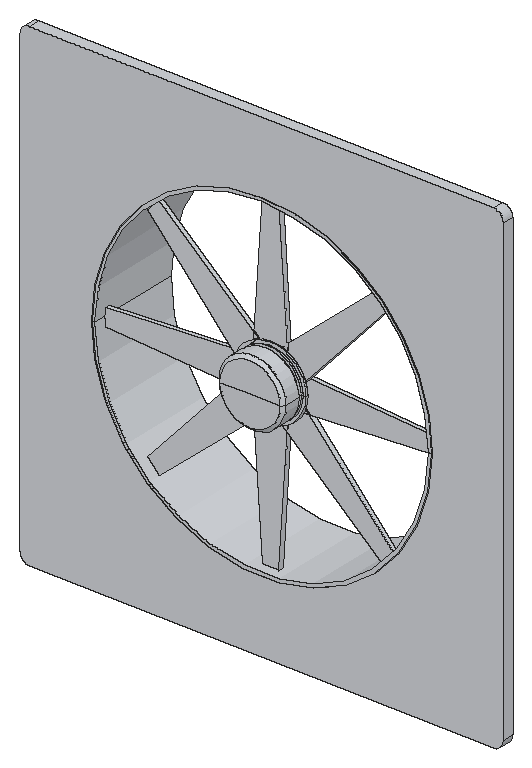
Revit family "CADS_Vent-Axia_MechEquip_Fan_VSP_SabreSicklePlate_3Ph6P - EXTRACT", category Mechanical Equipment, Revit 2020
Family settings
  Round Connector Dimension = Use Diameter
  Part Type = Normal
  OmniClass Number = 23.75.00.00
  OmniClass Title = Climate Control (HVAC)
  Work Plane-Based = No
  Always vertical = Yes
  Cut with Voids When Loaded = No
  Shared = No
  Room Calculation Point = No
Parameters (values of type "VSP50036A")
  WorkingPressure = 0.0 Pa
  WarrantyStartDate [instance] = "1900-12-31T23:59:59"
  WarrantyPeriod = ""
  WarrantyIdentifier = "N/A"
  WarrantyGuarantorParts = "tech@vent-axia.com"
  WarrantyGuarantorLabor = "tech@vent-axia.com"
  WarrantyGuarantor = "Vent-Axia Limited"
  WarrantyEndDate [instance] = "1900-12-31T23:59:59"
  WarrantyContent = ""
  TemperatureRange = ""
  TagNumber [instance] = "N/A"
  SustainabilityPerformance = ""
  Status = "New"
  Size = ""
  Shape = ""
  ServiceLifeType = ""
  ServiceLifeDuration = ""
  SerialNumber [instance] = "N/A"
  ReplacementCost = ""
  RatedVoltage = 0 V
  RatedCurrent = 0 A
  Quantity = 1
  ProductionYear = ""
  PressureCurve = ""
  PowerFactor = ""
  PointOfContact = ""
  NumberOfPoles = 0
  NominalWidth = 725 mm
  NominalLength = 141.5 mm
  NominalHeight = 500 mm
  NominalFrequencyRange = ""
  NominalDiameter = 500 mm
  ModelReference = "OWLET SICKLE PLATE FAN 500 DIA 3PH 6 POLE"
  ModelNumber = "VSP50036A"
  Material = ""
  ManufacturerE-Mail = "tech@vent-axia.com"
  ManufacturerAddress = "Fleming Way\nCrawley \nRH10 9YX"
  IsExtendedWarranty = no
  InsulationStandardClass = ""
  InstallationDate [instance] = "1900-12-31T23:59:59"
  IfcExportType [instance] = ""
  IfcExportAs = "IfcFanType"
  IP_Code = ""
  HasProtectiveEarth = no
  GrossWeight = 0.00 kg
  Grade = ""
  GlobalTradeItemNumber [instance] = "N/A"
  G = 17 mm
  Fitting Type = "Ignore"
  Finish = ""
  Features = ""
  ExteriorInsulation = no
  ExpectedServiceLife = 0
  Exclusions = ""
  E = 34 mm
  DurationUnit = "Year"
  Default Elevation = 0 mm
  Constituents = ""
  ConductorFunction = ""
  Color = ""
  CodePerformance = ""
  Category = ""
  CADS_Usage = 0
  CADS_Index = 0
  AssetType = "FIXED"
  AssetIdentifier [instance] = "N/A"
  AssemblyPlace = "UNKNOWN"
  ArticleNumber [instance] = "N/A"
  AirflowRateRange = 0.0 L/s
  Air Flow [instance] = 0.0 L/s
  AccessibilityPerformance = ""
  A = NominalWidth  # 725 mm
Types (4, lengths in mm): name | NominalWidth | NominalLength | NominalHeight | NominalDiameter | ModelReference | ModelNumber | A
  VSP50036A | 725 | 141.5 | 500 | 500 | "OWLET SICKLE PLATE FAN 500 DIA 3PH 6 POLE" | "VSP50036A" | 725
  VSP56036 | 725 | 162.5 | 560 | 560 | "SICKLE PLATE FAN 560DIA 3PH 6 POLE" | "VSP56036" | 725
  VSP63036B | 805 | 159.5 | 630 | 630 | "630MM 3PH 6P PLATE FAN" | "VSP63036B" | 805
  VSP71036A | 850 | 201.5 | 710 | 710 | "OWLET SICKLE PLATE FAN 710 DIA 3 PH 6 POLE" | "VSP71036A" | 850
Reference planes
  plane 1 "Center (Front/Back)": y = 0
  plane 2: z = 0
  plane 3 "Center (Left/Right)": x = 0
  plane 4: x = -250
  plane 5: x = 250
  plane 6 "F": y = -17
  plane 7 "B": y = 124.5
  plane 8: x = -362.5
  plane 9: x = -255
  plane 10 "top": z = 250
  plane 11: z = -250
  plane 12: x = 362.5
  plane 13: z = 362.5
  plane 14: z = -362.5
Forms (mm)
  Revolve 1, solid
    sketch origin (0, 0, 0) x (1, 0, 0) y (0, 1, 0)
      loop
        line (-255, -17) -> (-250, -17) -> (-250, 124.5) -> (-255, 124.5) -> (-255, -17)
      axis (0, 124.5) -> (0, -17)
    angle from 0 to 360
  Extrusion 2, solid
    sketch origin (0, 0, 0) x (1, 0, 0) y (0, 0, 1)
      loop
        arc (-347.5, 362.5) -> (-358.107, 358.107) -> (-362.5, 347.5) r 15
        line (-362.5, 347.5) -> (-362.5, -347.5)
        arc (-362.5, -347.5) -> (-358.107, -358.107) -> (-347.5, -362.5) r 15
        line (-347.5, -362.5) -> (347.5, -362.5)
        arc (347.5, -362.5) -> (358.107, -358.107) -> (362.5, -347.5) r 15
        line (362.5, -347.5) -> (362.5, 347.5)
        arc (362.5, 347.5) -> (358.107, 358.107) -> (347.5, 362.5) r 15
        line (347.5, 362.5) -> (-347.5, 362.5)
      loop
        circle (0, 0) r 255
    from 0 to 17 <- "G"
Dimensions and locks
  equal spacing: plane 4, plane 3 "Center (Left/Right)", plane 5
  "NominalLength": plane 7 "B" to plane 6 "F"
  "NominalDiameter": plane 4 to plane 5
  locked: plane 9 to plane 4 at 5
  equal spacing: plane 10 "top", level, plane 11
  "NominalDiameter": plane 10 "top" to plane 11
  equal spacing: plane 12, plane 3 "Center (Left/Right)", plane 8
  "A": plane 12 to plane 8
  equal spacing: plane 13, level, plane 14
  "A": plane 13 to plane 14
  "G": plane 6 "F" to plane 1 "Center (Front/Back)"
  aligned and locked: level to plane 2
  aligned and locked: Extrusion 2 sketch curve to Revolve 1  (x2)
Automatic sketch dimensions
  plane 6 "F" to Revolve 1 sketch curve = 0 mm
  Revolve 1 sketch curve to plane 4 = 0 mm
  Revolve 1 sketch curve to plane 3 "Center (Left/Right)" = 0 mm
  plane 1 "Center (Front/Back)" to Revolve 1 sketch curve = 0 mm
  Revolve 1 sketch curve to plane 7 "B" = 0 mm
  plane 6 "F" to Revolve 1 sketch curve = 115 mm
  Revolve 1 sketch curve to plane 9 = 0 mm
  Extrusion 2 sketch curve to plane 8 = 0 mm
  Extrusion 2 sketch curve to plane 13 = 0 mm
  Extrusion 2 sketch curve to plane 14 = 0 mm
  plane 12 to Extrusion 2 sketch curve = 0 mm
  plane 8 to Extrusion 2 sketch curve = 15 mm  (x2)
  plane 12 to Extrusion 2 sketch curve = 15 mm  (x2)
Nested families
  nested 1: "Fan for ESP" at (0, 0, 0), ND <- "NominalDiameter", BE <- "E", type "Fan for ESP"
    with hub 50 mm, ND 500 mm, BoltPCD 40 mm, Bolt Count 8, B_Diam 10 mm, BE 34 mm
  nested 2: "ESC Blade" at (0, 0, 0), type "ESC Blade"
    with a 20.00°, HR 50 mm, HD 100 mm, BT 25 mm, BR 200 mm, BH 40 mm, BD 500 mm, BB 50 mm
  nested 3: "ESC Blade" at (0, 0, 0) x (0.7071, 0, -0.7071) z (0.7071, 0, 0.7071), type "ESC Blade"
    with a 20.00°, HR 50 mm, HD 100 mm, BT 25 mm, BR 200 mm, BH 40 mm, BD 500 mm, BB 50 mm
  nested 4: "ESC Blade" at (0, 0, 0) x (0, 0, -1) z (1, 0, 0), type "ESC Blade"
    with a 20.00°, HR 50 mm, HD 100 mm, BT 25 mm, BR 200 mm, BH 40 mm, BD 500 mm, BB 50 mm
  nested 5: "ESC Blade" at (0, 0, 0) x (-0.7071, 0, -0.7071) z (0.7071, 0, -0.7071), type "ESC Blade"
    with a 20.00°, HR 50 mm, HD 100 mm, BT 25 mm, BR 200 mm, BH 40 mm, BD 500 mm, BB 50 mm
  nested 6: "ESC Blade" at (0, 0, 0) x (-1, 0, 0) z (0, 0, -1), type "ESC Blade"
    with a 20.00°, HR 50 mm, HD 100 mm, BT 25 mm, BR 200 mm, BH 40 mm, BD 500 mm, BB 50 mm
  nested 7: "ESC Blade" at (0, 0, 0) x (-0.7071, 0, -0.7071) z (-0.7071, 0, 0.7071), type "ESC Blade"
    with a 20.00°, HR 50 mm, HD 100 mm, BT 25 mm, BR 200 mm, BH 40 mm, BD 500 mm, BB 50 mm
  nested 8: "ESC Blade" at (0, 0, 0) x (0, 0, -1) z (-1, 0, 0), type "ESC Blade"
    with a 20.00°, HR 50 mm, HD 100 mm, BT 25 mm, BR 200 mm, BH 40 mm, BD 500 mm, BB 50 mm
  nested 9: "ESC Blade" at (0, 0, 0) x (0.7071, 0, -0.7071) z (-0.7071, 0, -0.7071), type "ESC Blade"
    with a 20.00°, HR 50 mm, HD 100 mm, BT 25 mm, BR 200 mm, BH 40 mm, BD 500 mm, BB 50 mm
Connectors
  hvac at (0, -17, 0), driven by "NominalDiameter", driven by "Air Flow"
    settings: on Revolve 1, index 1, duct flow 0.0 L/s, flow factor 0, pres drop 0.0 Pa, loss coef 0, conn angle 0.00°, conn width 304.8 mm, conn height 304.8 mm, conn diameter 500 mm, duct sys type 2, conn prof type 0, flow config 0, flow direction 1, loss method 0, conn ref index -1, conn util no, is conn primary yes, conn desc ""
  hvac at (0, 124.5, 0), driven by "NominalDiameter", driven by "Air Flow"
    settings: on Revolve 1, index 2, duct flow 0.0 L/s, flow factor 0, pres drop 0.0 Pa, loss coef 0, conn angle 0.00°, conn width 304.8 mm, conn height 304.8 mm, conn diameter 500 mm, duct sys type 3, conn prof type 0, flow config 1, flow direction 2, loss method 0, conn ref index -1, conn util no, is conn primary no, conn desc ""
Definition of nested family "Fan for ESP"
  Parameters (values of type "Fan for ESP")
    hub [instance] = ND / 10  # 25.1 mm
    ND [instance] = 251 mm
    Model = "."
    Default Elevation = 0 mm
    BoltPCD [instance] = hub - (hub * 0.2)  # 20.08 mm
    Bolt Count [instance] = if(hub < 50 mm, 6, 8)  # 6
    B_Diam [instance] = if(hub < 50 mm, 5 mm, 10 mm)  # 5 mm
    BE [instance] = 84 mm
  Reference planes
    plane 1 "Center (Front/Back)": y = 0
    plane 2: z = 0
    plane 3 "Center (Left/Right)": x = 0
    plane 4 "back": y = 20
    plane 5 "boss": y = -89
    plane 6 "B": z = 25.1
    plane 7: x = -30.1
    plane 8: x = -25.1
    plane 9 "hubface": y = -5
    plane 10: x = -20.1
    plane 11: y = -84
  Forms (mm)
    Revolve 1, solid
      sketch origin (0, 0, 0) x (1, 0, 0) y (0, 1, 0)
        loop
          line (0, -5) -> (0, 10.504) -> (-30.1, 10.504) -> (-30.1, -2.597) -> (-25.1, -2.597) -> (-25.1, -5) -> (0, -5)
        axis (0, 10.504) -> (0, -5)
      angle from 0 to 360
    Extrusion 2, solid, not visible
      sketch origin (0, -6.347, -4) x (-1, 0, 0) y (0, 0, 1)
        loop
          circle (0, 84) r 5
      from 0 to 3
    Revolve 3, solid
      sketch origin (0, 0, 0) x (1, 0, 0) y (0, 1, 0)
        loop
          line (-20.1, -5) -> (-25.1, -10) -> (-25.1, -84) -> (-20.1, -89) -> (0, -89) -> (0, -5) -> (-20.1, -5)
        axis (0, -5) -> (0, -89)
      angle from 0 to 360
  Lines and regions (mm)
    symbolic lines
      curve 1: circle (0, -89, 0) r 20.08 normal (0, 1, 0)
    model lines, not visible
      curve 2: line (0, -6.347, 85) -> (0, -6.347, 75)
  Dimensions and locks
    "hub": plane 6 "B" to plane 2
    "hub": nested 3 to plane 3 "Center (Left/Right)"
    "hub": nested 4 to plane 3 "Center (Left/Right)"
    "hub": nested 5 to plane 3 "Center (Left/Right)"
    "hub": plane 3 "Center (Left/Right)" to nested 6
    "hub": plane 3 "Center (Left/Right)" to nested 7
    "hub": plane 3 "Center (Left/Right)" to nested 8
    "hub": plane 3 "Center (Left/Right)" to nested 9
    "hub": plane 8 to plane 3 "Center (Left/Right)"
    plane 7 to plane 8 = 5 mm
    "BE": plane 5 "boss" to plane 9 "hubface"
    locked: plane 11 to plane 5 "boss" at 5
    plane 8 to plane 10 = 5 mm
    locked: plane 9 "hubface" to plane 1 "Center (Front/Back)" at 5
    diameter of Extrusion 2 sketch curve = 10 mm
    "BoltPCD": radius of curve 1
    aligned and locked: level to plane 2
    aligned and locked: plane 6 "B" to nested 1
  Automatic sketch dimensions
    Revolve 1 sketch curve to plane 7 = 0 mm
    Revolve 1 sketch curve to plane 8 = 0 mm
    Revolve 1 sketch curve to plane 3 "Center (Left/Right)" = 0 mm  (x2)
    Revolve 1 sketch curve to plane 9 "hubface" = 0 mm
    plane 1 "Center (Front/Back)" to Revolve 1 sketch curve = 2.597 mm
    plane 4 "back" to Revolve 1 sketch curve = 5 mm
    plane 4 "back" to Revolve 1 sketch curve = 9.496 mm
    Revolve 1 sketch curve to Revolve 1 sketch curve = 54.496 mm
    Revolve 3 sketch curve to plane 8 = 0 mm
    Revolve 3 sketch curve to plane 5 "boss" = 0 mm
    Revolve 3 sketch curve to plane 10 = 0 mm  (x2)
    Revolve 3 sketch curve to plane 9 "hubface" = 0 mm
    Revolve 3 sketch curve to plane 3 "Center (Left/Right)" = 0 mm  (x2)
    Revolve 3 sketch curve to plane 11 = 0 mm
    Revolve 3 sketch curve to plane 9 "hubface" = 5 mm
    plane 4 "back" to Revolve 3 sketch curve = 4.08 mm
    Revolve 3 sketch curve to plane 4 "back" = 3.828 mm
    curve 1 to level = 0 mm
    curve 1 to plane 3 "Center (Left/Right)" = 0 mm
  Nested families
    nested 1: "ESC Blade" at (0, 0, 0), BD <- "ND", HD <- "hub", type "ESC Blade"
      with a 20.00°, HR 25.1 mm, HD 50.2 mm, BT 12.55 mm, BR 100.4 mm, BH 40 mm, BD 251 mm, BB 25.1 mm
    nested 2: "ESC Blade" at (0, 0, 755), BD <- "ND", HD <- "hub", type "ESC Blade", not visible
      with a 20.00°, HR 25.1 mm, HD 50.2 mm, BT 12.55 mm, BR 100.4 mm, BH 40 mm, BD 251 mm, BB 25.1 mm
    nested 3: "ESC Blade" at (0, 0, 0) x (0.7071, 0, -0.7071) z (0.7071, 0, 0.7071), BD <- "ND", HD <- "hub", type "ESC Blade"
      with a 20.00°, HR 25.1 mm, HD 50.2 mm, BT 12.55 mm, BR 100.4 mm, BH 40 mm, BD 251 mm, BB 25.1 mm
    nested 4: "ESC Blade" at (0, 0, 0) x (0, 0, -1) z (1, 0, 0), BD <- "ND", HD <- "hub", type "ESC Blade"
      with a 20.00°, HR 25.1 mm, HD 50.2 mm, BT 12.55 mm, BR 100.4 mm, BH 40 mm, BD 251 mm, BB 25.1 mm
    nested 5: "ESC Blade" at (0, 0, 0) x (-0.7071, 0, -0.7071) z (0.7071, 0, -0.7071), BD <- "ND", HD <- "hub", type "ESC Blade"
      with a 20.00°, HR 25.1 mm, HD 50.2 mm, BT 12.55 mm, BR 100.4 mm, BH 40 mm, BD 251 mm, BB 25.1 mm
    nested 6: "ESC Blade" at (0, 0, 0) x (-1, 0, 0) z (0, 0, -1), BD <- "ND", HD <- "hub", type "ESC Blade"
      with a 20.00°, HR 25.1 mm, HD 50.2 mm, BT 12.55 mm, BR 100.4 mm, BH 40 mm, BD 251 mm, BB 25.1 mm
    nested 7: "ESC Blade" at (0, 0, 0) x (-0.7071, 0, -0.7071) z (-0.7071, 0, 0.7071), BD <- "ND", HD <- "hub", type "ESC Blade"
      with a 20.00°, HR 25.1 mm, HD 50.2 mm, BT 12.55 mm, BR 100.4 mm, BH 40 mm, BD 251 mm, BB 25.1 mm
    nested 8: "ESC Blade" at (0, 0, 0) x (0, 0, -1) z (-1, 0, 0), BD <- "ND", HD <- "hub", type "ESC Blade"
      with a 20.00°, HR 25.1 mm, HD 50.2 mm, BT 12.55 mm, BR 100.4 mm, BH 40 mm, BD 251 mm, BB 25.1 mm
    nested 9: "ESC Blade" at (0, 0, 0) x (0.7071, 0, -0.7071) z (-0.7071, 0, -0.7071), BD <- "ND", HD <- "hub", type "ESC Blade"
      with a 20.00°, HR 25.1 mm, HD 50.2 mm, BT 12.55 mm, BR 100.4 mm, BH 40 mm, BD 251 mm, BB 25.1 mm
  Definition of nested family "ESC Blade"
    Parameters (values of type "ESC Blade")
      a [instance] = 20.00°
      HR [instance] = HD / 2  # 30 mm
      HD [instance] = BD / 5  # 60 mm
      Default Elevation = 1219.2 mm
      BT [instance] = BD / 20  # 15 mm
      BR [instance] = (BD / 2) - HR  # 120 mm
      BH [instance] = 40 mm
      BD [instance] = 300 mm
      BB [instance] = BD / 10  # 30 mm
    Reference planes
      plane 1 "Center (Front/Back)": y = 0
      plane 2: z = 0
      plane 3 "Center (Left/Right)": x = 0
      plane 4 "Blade Bot": z = 30
      plane 5: x = -15
      plane 6: x = 15
      plane 7: x = -7.5
      plane 8: x = 7.5
    Forms (mm)
      Blend 1, solid
        base sketch origin (0, 0, 30) x (-1, 0, 0) y (0, -1, 0)
          loop
            line (15, 0) -> (-15, 0) -> (-15, -6) -> (15, -6) -> (15, 0)
        top sketch origin (0, 0, 30) x (-1, 0, 0) y (0, -1, 0)
          loop
            line (7.5, -6) -> (7.5, 0) -> (-7.5, 0) -> (-7.5, -6) -> (7.5, -6)
        from 0 to 120 <- "BR"
    Dimensions and locks
      "HR": plane 4 "Blade Bot" to level
      equal spacing: plane 8, plane 3 "Center (Left/Right)", plane 7
      "BT": plane 8 to plane 7
      equal spacing: plane 6, plane 3 "Center (Left/Right)", plane 5
      "BB": plane 6 to plane 5
      aligned and locked: level to plane 2
    Automatic sketch dimensions
      plane 1 "Center (Front/Back)" to Blend 1 sketch curve = 0 mm  (x2)
      Blend 1 sketch curve to plane 6 = 0 mm
      Blend 1 sketch curve to plane 5 = 0 mm
      Blend 1 sketch curve to plane 1 "Center (Front/Back)" = 6 mm  (x2)
      Blend 1 sketch curve to plane 8 = 0 mm
      Blend 1 sketch curve to plane 7 = 0 mm
Definition of nested family "ESC Blade"
  Parameters (values of type "ESC Blade")
    a [instance] = 20.00°
    HR [instance] = HD / 2  # 30 mm
    HD [instance] = BD / 5  # 60 mm
    Default Elevation = 1219.2 mm
    BT [instance] = BD / 20  # 15 mm
    BR [instance] = (BD / 2) - HR  # 120 mm
    BH [instance] = 40 mm
    BD [instance] = 300 mm
    BB [instance] = BD / 10  # 30 mm
  Reference planes
    plane 1 "Center (Front/Back)": y = 0
    plane 2: z = 0
    plane 3 "Center (Left/Right)": x = 0
    plane 4 "Blade Bot": z = 30
    plane 5: x = -15
    plane 6: x = 15
    plane 7: x = -7.5
    plane 8: x = 7.5
  Forms (mm)
    Blend 1, solid
      base sketch origin (0, 0, 30) x (-1, 0, 0) y (0, -1, 0)
        loop
          line (15, 0) -> (-15, 0) -> (-15, -6) -> (15, -6) -> (15, 0)
      top sketch origin (0, 0, 30) x (-1, 0, 0) y (0, -1, 0)
        loop
          line (7.5, -6) -> (7.5, 0) -> (-7.5, 0) -> (-7.5, -6) -> (7.5, -6)
      from 0 to 120 <- "BR"
  Dimensions and locks
    "HR": plane 4 "Blade Bot" to level
    equal spacing: plane 8, plane 3 "Center (Left/Right)", plane 7
    "BT": plane 8 to plane 7
    equal spacing: plane 6, plane 3 "Center (Left/Right)", plane 5
    "BB": plane 6 to plane 5
    aligned and locked: level to plane 2
  Automatic sketch dimensions
    plane 1 "Center (Front/Back)" to Blend 1 sketch curve = 0 mm  (x2)
    Blend 1 sketch curve to plane 6 = 0 mm
    Blend 1 sketch curve to plane 5 = 0 mm
    Blend 1 sketch curve to plane 1 "Center (Front/Back)" = 6 mm  (x2)
    Blend 1 sketch curve to plane 8 = 0 mm
    Blend 1 sketch curve to plane 7 = 0 mm
